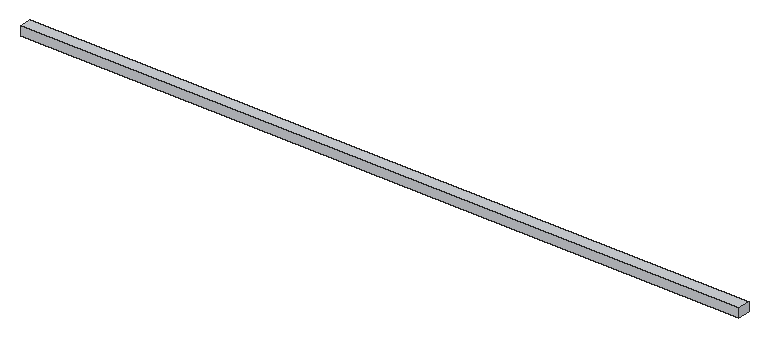
Revit family "LUMINOUS NEON 1217_SLN1217N", category Luminarias, Revit 2019
Family settings
  Cota de conector redondo = Diámetro de uso
  Tipo de pieza = Normal
  Se basa en plano de trabajo = Sí
  Siempre vertical = No
  Corte con vacíos al cargar = No
  Origen de luz = Sí
  Compartido = No
  Punto de cálculo de habitación = No
Parameters (values of type "LUMINOUS NEON 1217_SLN1217U")
  Tilt Angle = 60.00°
  built-in parameter 1010506 = 0.5236 (stored number, unit not read)
  built-in parameter 1010507 = 1.5708 (stored number, unit not read)
  Zone [instance] = ""
  Watt per fixture [instance] = (Longitud / 1000 mm) * (5.3)  # 5.3
  Wattage = 5.3 W
  built-in parameter 1150107 = 2700 (stored number, unit not read)
  built-in parameter 1150110 = 1 (stored number, unit not read)
  built-in parameter 1150109 = 1 (stored number, unit not read)
  built-in parameter 1150112 = 1 (stored number, unit not read)
  built-in parameter 1150113 = 1 (stored number, unit not read)
  built-in parameter 1114218 = 1 (stored number, unit not read)
  built-in parameter 1150137 = (empty or 0)
  built-in parameter 1150132 = (empty or 0)
  Modelo Lampara = "1217 NEON"
  Modelo = "SLN1217U"
  Marca = "BRILLANT"
  Light Source Symbol Length = 3048 mm
  Longitud de línea de emisión = 600 mm
  Longitud [instance] = 1000 mm
  built-in parameter 1150105 = 744.28 (stored number, unit not read)
  built-in parameter 1150102 = (empty or 0)
  built-in parameter 1150106 = 7.4428 (stored number, unit not read)
  Lumens = 222.6 lm
  Color Filter = 16777215
  built-in parameter 1114217 = 1 (stored number, unit not read)
  built-in parameter 1150139 = (empty or 0)
  Fabricante = "BRILLANT"
  Default Elevation = 0 mm
  built-in parameter 1150104 = 3.9019 (stored number, unit not read)
  Descripción = "TIRA LED LUMINOUS NEON 1217 DE SILICONA AMBIENTAL CON UNA POTENCIA DE 5.3W/M, USO PARA EXTERIORES IP67, IRC 90, IK 08, TEMPERATURA DE BLANCO ULTRA CALIDO 2700K, 200 LUMENES/M, PRESENTACION DE 50M, CORTE 10CM, ALIMENTADO A 48V, REQUIERE ACCESORIOS. 36 MIL HORAS DE VIDA."
  built-in parameter 1150115 = 1 (stored number, unit not read)
  built-in parameter 1150114 = 1 (stored number, unit not read)
  Costo USD_NF1217 [instance] = (Longitud / 1000 mm) * (35)  # 35
  Comentarios de vataje = "48V"
  built-in parameter 1150138 = (empty or 0)
  built-in parameter 1150134 = (empty or 0)
  Circuit [instance] = ""
  Dimming Lamp Color Temperature Shift = (empty or 0)
  Longitud de símbolo de origen de luz = 3048 mm
Types (4, lengths in mm): name | built-in parameter 1150107 | Modelo | built-in parameter 1150105 | built-in parameter 1150106 | Lumens | built-in parameter 1150104 | Descripción | built-in parameter 1150134
  (no name) | 2700 (stored number, unit not read) | "SLN1217U" | 744.28 (stored number, unit not read) | 7.4428 (stored number, unit not read) | 222.6 lm | 3.9019 (stored number, unit not read) | "TIRA LED LUMINOUS NEON 1217 DE SILICONA AMBIENTAL CON UNA POTENCIA DE 5.3W/M, USO PARA EXTERIORES IP67, IRC 90, IK 08, TEMPERATURA DE BLANCO ULTRA CALIDO 2700K, 200 LUMENES/M, PRESENTACION DE 50M, CORTE 10CM, ALIMENTADO A 48V, REQUIERE ACCESORIOS. 36 MIL HORAS DE VIDA." | (empty or 0)
  LUMINOUS NEON 1217_SLN1217N | 4000 (stored number, unit not read) | "SLN1217N" | 797.44 (stored number, unit not read) | 7.9744 (stored number, unit not read) | 238.5 lm | 4.1806 (stored number, unit not read) | "TIRA LED LUMINOUS NEON 1217 DE SILICONA AMBIENTAL CON UNA POTENCIA DE 5.3W/M, USO PARA EXTERIORES IP67, IRC 90, IK 08, TEMPERATURA DE BLANCO FRIO 4000K, 200 LUMENES/M, PRESENTACION DE 50M, CORTE 10CM, ALIMENTADO A 48V, REQUIERE ACCESORIOS. 36 MIL HORAS DE VIDA." | 12
  LUMINOUS NEON 1217_SLN1217W | 3000 (stored number, unit not read) | "SLN1217W" | 744.28 (stored number, unit not read) | 7.4428 (stored number, unit not read) | 222.6 lm | 3.9019 (stored number, unit not read) | "TIRA LED LUMINOUS NEON 1217 DE SILICONA AMBIENTAL CON UNA POTENCIA DE 5.3W/M, USO PARA EXTERIORES IP67, IRC 90, IK 08, TEMPERATURA DE BLANCO CALIDO 3000K, 200 LUMENES/M, PRESENTACION DE 50M, CORTE 10CM, ALIMENTADO A 48V, REQUIERE ACCESORIOS. 36 MIL HORAS DE VIDA." | (empty or 0)
  LUMINOUS NEON 1217_SLN1217U | 2700 (stored number, unit not read) | "SLN1217U" | 744.28 (stored number, unit not read) | 7.4428 (stored number, unit not read) | 222.6 lm | 3.9019 (stored number, unit not read) | "TIRA LED LUMINOUS NEON 1217 DE SILICONA AMBIENTAL CON UNA POTENCIA DE 5.3W/M, USO PARA EXTERIORES IP67, IRC 90, IK 08, TEMPERATURA DE BLANCO ULTRA CALIDO 2700K, 200 LUMENES/M, PRESENTACION DE 50M, CORTE 10CM, ALIMENTADO A 48V, REQUIERE ACCESORIOS. 36 MIL HORAS DE VIDA." | (empty or 0)
Reference planes
  plane 1 "Centro (Frontal/Posterior)": y = 0
  plane 2: z = 0
  plane 3 "Centro (Izquierda/Derecha)": x = 0
  plane 4 "IZQ": x = -1000
  plane 5: z = 12
  plane 6: y = -8.5
  plane 7: y = 8.5
Forms (mm)
  Extrusion 1, solid
    sketch origin (0, 0, 0) x (1, 0, 0) y (0, 1, 0)
      loop
        line (-1000, 8.5) -> (-1000, -8.5) -> (0, -8.5) -> (0, 8.5) -> (-1000, 8.5)
    from 0 to 12
Dimensions and locks
  plane 5 to imposter light = 12 mm
  equal spacing: plane 6, plane 1 "Centro (Frontal/Posterior)", plane 7
  plane 6 to plane 1 "Centro (Frontal/Posterior)" = 8.5 mm
  plane 6 to plane 7 = 17 mm
  "Longitud": plane 4 "IZQ" to plane 3 "Centro (Izquierda/Derecha)"
  aligned and locked: level to plane 2
  aligned and locked: plane 4 "IZQ" to Extrusion 1
  aligned and locked: plane 5 to Extrusion 1
  aligned and locked: plane 6 to Extrusion 1
  aligned and locked: Extrusion 1 to plane 7
  aligned and locked: plane 3 "Centro (Izquierda/Derecha)" to Extrusion 1
Automatic sketch dimensions
  Extrusion 1 sketch curve to plane 4 "IZQ" = 0 mm
  plane 1 "Centro (Frontal/Posterior)" to Extrusion 1 sketch curve = 8.5 mm
  Extrusion 1 sketch curve to plane 1 "Centro (Frontal/Posterior)" = 8.5 mm
  plane 3 "Centro (Izquierda/Derecha)" to Extrusion 1 sketch curve = 0 mm
Connectors
  electrical at (0, 0, 6)
    settings: on Extrusion 1, index 1, voltage 48 V, apparent load 0 VA, apparent load phase1 0 VA, apparent load phase2 0 VA, apparent load phase3 0 VA, power factor 1, load classification "Otro", number of poles 1, system type 31, power factor state 1, is connector primary yes, connector utility no, sub classification motor no, connector description ""
